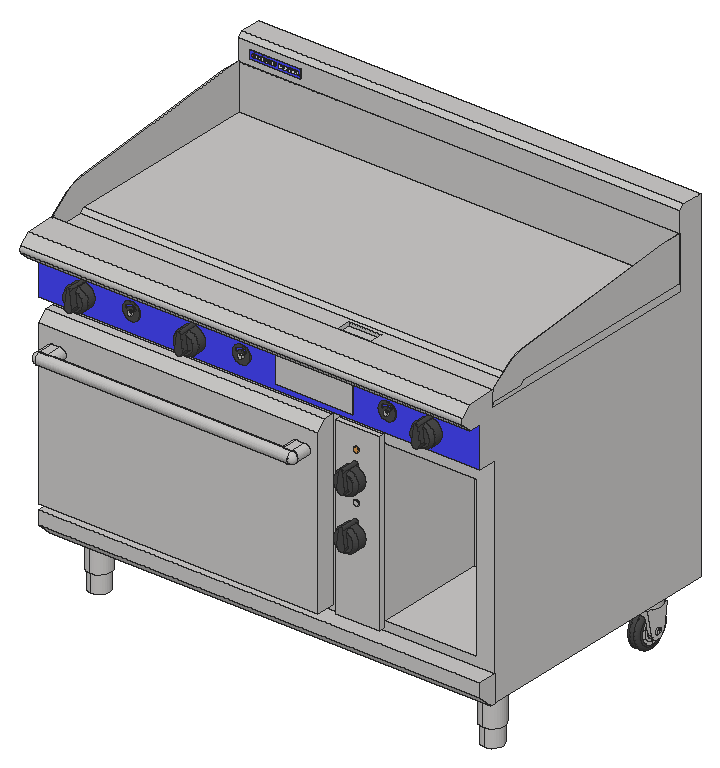
Revit family "QF_MOFFAT_BLUESEAL_CE_GPE508", category Specialty Equipment, Revit 2012
Parameters
  Width = 1200 mm
  Weight in Pounds = 484  # constant formula
  Watts = 6500 W
  Volts = 400 V
  URL Cutsheet = "www.moffat.com"
  URL = "www.moffat.com"
  Type Mark [instance] = ""
  Status [instance] = ""
  Specification by User [instance] = ""
  Specification by Manufacturer = ""
  Show Logo [instance] = yes
  Show Clearance [instance] = yes
  Show Casters [instance] = yes
  Serial Number = ""
  Seismic Rating = ""
  SMACNA No = ""
  Revision Code [instance] = ""
  Plumbing Remarks = ""
  Plumbing Connection Type [instance] = ""
  Phase = 3
  Omniclass Number and Title = ""
  Number of Poles [instance] = 1
  NAFEM Spec ID Number = ""
  Model = "GPE508"
  Min Ckt Ampacity = 0 A
  Mechanical Remarks = ""
  Mechanical Connection Type [instance] = ""
  Max Overcurrent Protection = 0 A
  Masterspec = ""
  Manufacturer = "MOFFAT BLUESEAL"
  Legs [instance] = no
  Item Number [instance] = ""
  Installed By [instance] = ""
  Identify Quantity as Lot [instance] = yes
  Height = 1085 mm
  HP = ""
  Gas Size = 3/4"
  Gas RI Height [instance] = 0 mm
  Gas KW [instance] = 31
  Gas Input [instance] = 105700.0 Btu/h
  Gas Connection Height = 0 mm
  Furnished By [instance] = ""
  Foodservice Equipment Identifier [instance] = yes
  FL Amps = 9.4 A
  Electrical Remarks [instance] = "9.4A PER PHASE"
  Electric Connection Type [instance] = ""
  Elec Conn RI Height [instance] = 0 mm
  Elec Conn Connection Height [instance] = 0 mm
  Description = "1200MM GAS RANGE WITH ELECTRIC CONVECTION OVEN"
  Depth = 812 mm
  Cycle = 50 Hz
  Conn Plug = ""
  Conn Conduit = yes
  Cold Water Temperature Recommended = -459.67 °F
  Cold Water Size = 1/2"
  Cold Water RI Height [instance] = 0 mm
  Cold Water Minimum Pressure = 0.00 psi
  Cold Water Maximum Pressure = 0.00 psi
  Cold Water Flow = 0 GPM
  Cold Water Consumption = ""
  Cold Water Connection Height = 0 mm
  CSI MasterFormat = ""
  CSI Master Format = ""
  Body Finish = QF_Finishes_Stainless Steel
  Apparent Power = 0 VA
Reference planes
  plane 1 "BACK": y = 0
  plane 2: z = 0
  plane 3 "LEFT": x = 0
  plane 4 "RIGHT": x = 1200
  plane 5 "FRONT": y = -812
  plane 6 "TOP": z = 970
  plane 7 "Center Y": x = 600
  plane 8 "Center X": y = -406
  plane 9: x = 280
  plane 10: x = 1134.5
  plane 11: y = -32
  plane 12: z = 655
  plane 13: x = 65.5
  plane 14: z = 1085
  plane 15: z = 150
  plane 16: y = -100
  plane 17: y = -625
  plane 18: z = 915
Forms (mm)
  Extrusion 1, solid, material "QF_Finishes_Stainless Steel" <- "Body Finish"
    sketch origin (0, 0, 0) x (0, 1, 0) y (0, 0, 1)
      loop
        line (0, 150) -> (0, 1085) -> (-57.5, 1085) -> (-70, 1072.5) -> (-70, 875) -> (-705, 875) -> (-705, 915) -> (-783.97, 915) -> (-808.485, 890.485)
        arc (-808.485, 890.485) -> (-811.999, 882) -> (-808.485, 873.515) r 12
        line (-808.485, 873.515) -> (-784.97, 850) -> (-749, 850) -> (-749, 740) -> (-699, 740) -> (-699, 150) -> (0, 150)
      loop
        line (-700, 222.5) -> (-749, 222.5) -> (-749, 186) -> (-713, 150) -> (-700, 150) -> (-700, 222.5)
    from 0 to 1200
  Extrusion 2, solid, material "QF_Finishes_Stainless Steel"
    sketch origin (0, 0, 0) x (0, 1, 0) y (0, 0, 1)
      loop
        line (-725, 700) -> (-749, 676) -> (-749, 235) -> (-700, 235) -> (-700, 700) -> (-725, 700)
    from 0 to 760
  Extrusion 3, solid, material "QF_Finishes_Stainless Steel"
    sketch origin (723.5, 0, 0) x (0, 1, 0) y (0, 0, 1)
      loop
        line (-700, 700) -> (-716, 700) -> (-716, 227.5) -> (-700, 227.5) -> (-700, 700)
    from 56.898 to 176.5
  Revolve 4, solid, material "QF_Finishes_Stainless Steel" <- "Body Finish"
    sketch origin (1134.5, -689.126, 0) x (0, 1, 0) y (0, 0, -1)
      loop
        line (32.376, -150) -> (64.126, -150) -> (64.126, 0) -> (36.626, 0) -> (36.626, -50) -> (32.376, -50) -> (32.376, -150)
      axis (64.126, -150) -> (64.126, 0)
    angle from 0 to 360
  Revolve 5, solid, material "QF_Finishes_Stainless Steel" <- "Body Finish"
    sketch origin (65.5, -689.126, 0) x (0, 1, 0) y (0, 0, 1)
      loop
        line (32.376, 150) -> (32.376, 50) -> (36.626, 50) -> (36.626, 0) -> (64.126, 0) -> (64.126, 150) -> (32.376, 150)
      axis (64.126, 150) -> (64.126, 0)
    angle from 0 to 360
  Extrusion 6, solid, material "QF_Finishes_Stainless Steel"
    sketch origin (-64.5, 0, 325) x (1, 0, 0) y (0, 1, 0)
      loop
        circle (1134.5, -32) r 10
    from 330 to 374.856
  Extrusion 7, void
    sketch origin (0, -699, 150) x (0, 0, -1) y (-1, 0, 0)
      loop
        line (-529.781, -900) -> (-529.781, -1150) -> (-96, -1150) -> (-96, -900) -> (-529.781, -900)
    from 0 to 304.8
  Revolve 8, solid, material "QF_Finishes_Black"
    sketch origin (128, 45.874, -2.2) x (0, 1, 0) y (0, 0, -1)
      loop
        line (-827.874, -829.5) -> (-804.874, -829.5) -> (-804.874, -802) -> (-794.874, -802) -> (-794.874, -797) -> (-838.874, -797) -> (-838.874, -823.651) -> (-827.874, -829.5)
      axis (-838.874, -797) -> (-794.874, -797)
    angle from 0 to 360
  Extrusion 9, solid, material "QF_Finishes_Black"
    sketch origin (276.884, 0, -6.671) x (-1, 0, 0) y (0, 0, -1)
      loop
        line (138.465, -790.666) -> (143.886, -833.584)
        arc (143.886, -833.584) -> (148.884, -838.471) -> (153.883, -833.584) r 5
        line (153.883, -833.584) -> (159.372, -789.499)
        arc (159.372, -789.499) -> (148.3, -779) -> (138.465, -790.666) r 10.487
    from 759 to 808
  Extrusion 10, solid, material "QF_Finishes_Stainless Steel"
    sketch origin (0, -703.73, 150) x (1, 0, 0) y (0, -1, 0)
      loop
        circle (831, -219.73) r 10
    from 0 to 3
  Revolve 11, solid, material "QF_Finishes_Black"
    sketch origin (837.495, 78.874, -213.6) x (0, 1, 0) y (0, 0, 1)
      loop
        line (-827.874, 829.5) -> (-838.874, 823.651) -> (-838.874, 797) -> (-794.874, 797) -> (-794.874, 802) -> (-804.874, 802) -> (-804.874, 829.5) -> (-827.874, 829.5)
      axis (-838.874, 797) -> (-794.874, 797)
    angle from 0 to 360
  Extrusion 12, solid, material "QF_Finishes_Black"
    sketch origin (389.688, 40, -213.6) x (1, 0, 0) y (0, 0, 1)
      loop
        line (458.226, 786.195) -> (452.806, 829.113)
        arc (452.806, 829.113) -> (447.807, 834) -> (442.808, 829.113) r 5
        line (442.808, 829.113) -> (437.319, 785.028)
        arc (437.319, 785.028) -> (448.391, 774.529) -> (458.226, 786.195) r 10.487
    from 759 to 808
  Extrusion 13, solid, material "QF_Door-Drawer Clearances", visible <- "Show Clearance", detail levels coarse
    sketch origin (762.865, 0, 0) x (0, 1, 0) y (0, 0, 1)
      loop
        line (-1214, 235) -> (-749, 235) -> (-749, 700)
        arc (-749, 700) -> (-1077.805, 563.805) -> (-1214, 235) r 465
    from -2.865 to -762.865
  Extrusion 14, void
    sketch origin (0, 0, 150) x (-1, 0, 0) y (0, -1, 0)
      loop
        line (-1133.988, 87.26) -> (-1133.988, -30.24) -> (-1004.488, -30.24) -> (-1004.488, 38.76) -> (-1052.988, 87.26) -> (-1133.988, 87.26)
    from 72.5 to 549.856
  Extrusion 15, solid, material "QF_Finishes_Stainless Steel"
    sketch origin (0, -749, 227.5) x (0, 0, 1) y (-1, 0, 0)
      loop
        line (380.625, -38.246) -> (380.625, -58.528)
        arc (380.625, -58.528) -> (395.625, -73.528) -> (410.625, -58.528) r 15
        line (410.625, -58.528) -> (410.625, -38.246)
        arc (410.625, -38.246) -> (395.625, -23.246) -> (380.625, -38.246) r 15
      loop
        arc (380.625, -723.039) -> (395.625, -738.039) -> (410.625, -723.039) r 15
        line (410.625, -723.039) -> (410.625, -702.757)
        arc (410.625, -702.757) -> (395.625, -687.757) -> (380.625, -702.757) r 15
        line (380.625, -702.757) -> (380.625, -723.039)
    from 0 to 44
  Revolve 16, solid, material "QF_Finishes_Stainless Steel"
    sketch origin (0, -793, 0) x (1, 0, 0) y (0, 0, 1)
      loop
        arc (738.039, 623.125) -> (733.646, 633.732) -> (723.039, 638.125) r 15
        line (723.039, 638.125) -> (38.246, 638.125)
        arc (38.246, 638.125) -> (27.64, 633.732) -> (23.246, 623.125) r 15
        line (23.246, 623.125) -> (738.039, 623.125)
      axis (738.039, 623.125) -> (23.246, 623.125)
    angle from 0 to 360
  Revolve 17, solid, material "QF_Finishes_Black"
    sketch origin (428, 45.874, -2.2) x (0, 1, 0) y (0, 0, -1)
      loop
        line (-827.874, -829.5) -> (-804.874, -829.5) -> (-804.874, -802) -> (-794.874, -802) -> (-794.874, -797) -> (-838.874, -797) -> (-838.874, -823.651) -> (-827.874, -829.5)
      axis (-838.874, -797) -> (-794.874, -797)
    angle from 0 to 360
  Extrusion 18, solid, material "QF_Finishes_Black"
    sketch origin (576.884, 0, -6.671) x (-1, 0, 0) y (0, 0, -1)
      loop
        line (138.465, -790.666) -> (143.886, -833.584)
        arc (143.886, -833.584) -> (148.884, -838.471) -> (153.883, -833.584) r 5
        line (153.883, -833.584) -> (159.372, -789.499)
        arc (159.372, -789.499) -> (148.3, -779) -> (138.465, -790.666) r 10.487
    from 759 to 808
  Revolve 19, solid, material "QF_Finishes_Black"
    sketch origin (1071.855, 45.874, -1.504) x (0, 1, 0) y (0, 0, -1)
      loop
        line (-827.874, -829.5) -> (-804.874, -829.5) -> (-804.874, -802) -> (-794.874, -802) -> (-794.874, -797) -> (-838.874, -797) -> (-838.874, -823.651) -> (-827.874, -829.5)
      axis (-838.874, -797) -> (-794.874, -797)
    angle from 0 to 360
  Extrusion 20, solid, material "QF_Finishes_Black"
    sketch origin (1220.739, 0, -5.976) x (-1, 0, 0) y (0, 0, -1)
      loop
        line (138.465, -790.666) -> (143.886, -833.584)
        arc (143.886, -833.584) -> (148.884, -838.471) -> (153.883, -833.584) r 5
        line (153.883, -833.584) -> (159.372, -789.499)
        arc (159.372, -789.499) -> (148.3, -779) -> (138.465, -790.666) r 10.487
    from 759 to 808
  Extrusion 21, solid, material "QF_Finishes_Stainless Steel"
    sketch origin (0, -749, 866) x (0, 0, -1) y (1, 0, 0)
      loop
        line (111.628, 855) -> (24.729, 855) -> (24.729, 645) -> (111.628, 645) -> (111.628, 855)
    from 0 to 1
  Extrusion 22, solid, material "QF_Finishes_Black"
    sketch origin (0, -749, 866) x (0, 0, -1) y (1, 0, 0)
      loop
        circle (71.799, 252) r 23.9
      loop
        arc (64.44, 260.419) -> (65.3, 265.219) -> (60.5, 266.079) r 3.448
        arc (60.5, 266.079) -> (53.915, 251.341) -> (61.718, 237.209) r 18.095
        arc (61.718, 237.209) -> (66.44, 238.491) -> (65.125, 243.204) r 3.448
        arc (65.125, 243.204) -> (61.557, 251.683) -> (64.44, 260.419) r 13.109
      loop
        arc (64.44, 560.419) -> (65.3, 565.219) -> (60.5, 566.079) r 3.448
        arc (60.5, 566.079) -> (53.915, 551.341) -> (61.718, 537.209) r 18.095
        arc (61.718, 537.209) -> (66.44, 538.491) -> (65.125, 543.204) r 3.448
        arc (65.125, 543.204) -> (61.557, 551.683) -> (64.44, 560.419) r 13.109
      loop
        circle (71.799, 552) r 23.9
      loop
        circle (71.2, 948) r 23.9
      loop
        arc (64.526, 956.796) -> (65.841, 961.509) -> (61.119, 962.791) r 3.448
        arc (61.119, 962.791) -> (53.316, 948.659) -> (59.901, 933.921) r 18.095
        arc (59.901, 933.921) -> (64.701, 934.781) -> (63.841, 939.581) r 3.448
        arc (63.841, 939.581) -> (60.958, 948.317) -> (64.526, 956.796) r 13.109
    from 0 to 1
  Extrusion 23, solid, material "QF_Finishes_Stainless Steel"
    sketch origin (0, -750, 866) x (0, 0, -1) y (1, 0, 0)
      loop
        circle (75.299, 252) r 5.75
      loop
        circle (75.299, 552) r 5.75
      loop
        circle (74.7, 948) r 5.75
    from 0 to 5
  Extrusion 24, solid, material "QF_Finishes_Orange"
    sketch origin (723.5, -716, 700) x (0, 0, -1) y (1, 0, 0)
      loop
        circle (51.6, 114) r 7.15
    from 0 to 1
  Extrusion 25, solid, material "QF_Finishes_Stainless Steel"
    sketch origin (723.5, -716, 700) x (0, 0, -1) y (1, 0, 0)
      loop
        circle (181.6, 114) r 7.15
    from 0 to 1
  Revolve 26, solid, material "QF_Finishes_Stainless Steel", visible <- "Legs"
    sketch origin (65.5, -166, 0) x (0, 1, 0) y (0, 0, 1)
      loop
        line (34.25, 150) -> (34.25, 50) -> (38.5, 50) -> (38.5, 0) -> (66, 0) -> (66, 150) -> (34.25, 150)
      axis (66, 150) -> (66, 0)
    angle from 0 to 360
  Revolve 27, solid, material "QF_Finishes_Stainless Steel", visible <- "Show Casters"
    sketch origin (16.276, -100.755, -12.8) x (1, 0, 0) y (0, 0, 1)
      loop
        line (14.841, 63.604) -> (83.584, 63.604) -> (83.584, 67.109) -> (82.314, 68.379) -> (80.79, 68.379) -> (80.79, 71.826) -> (68.644, 71.826) -> (68.644, 81.79) -> (65.088, 83.843) -> (63.738, 92.179) -> (65.881, 92.179) -> (65.881, 98.529) -> (65.088, 98.529) -> (65.088, 104.879)
        arc (65.088, 104.879) -> (62.298, 111.614) -> (55.563, 114.404) r 9.525
        line (55.563, 114.404) -> (42.863, 114.404)
        arc (42.863, 114.404) -> (36.127, 111.614) -> (33.338, 104.879) r 9.525
        line (33.338, 104.879) -> (33.338, 98.529) -> (32.544, 98.529) -> (32.544, 92.179) -> (34.687, 92.179) -> (33.352, 83.932) -> (29.782, 81.871) -> (29.782, 71.826) -> (17.635, 71.826) -> (17.635, 68.379) -> (16.111, 68.379) -> (14.841, 67.109) -> (14.841, 63.604)
      axis (14.841, 63.604) -> (83.584, 63.604)
    angle from 0 to 360
  Extrusion 28, solid, material "QF_Finishes_Stainless Steel", visible <- "Show Casters"
    sketch origin (72.001, 132.353, -8.783) x (0, 1, 0) y (0, 0, 1)
      loop
        line (-200.603, 118.783) -> (-264.103, 118.783) -> (-251.746, 53.895)
        arc (-251.746, 53.895) -> (-232.353, 38.783) -> (-212.959, 53.895) r 20
        line (-212.959, 53.895) -> (-200.603, 118.783)
    from -35.667 to 22.923
  Revolve 29, solid, material "QF_Finishes_Stainless Steel", visible <- "Show Casters"
    sketch origin (65.5, -204, 0) x (0, 1, 0) y (0, 0, 1)
      loop
        line (68.25, 150) -> (68.25, 110) -> (104, 110) -> (104, 150) -> (68.25, 150)
      axis (104, 150) -> (104, 110)
    angle from 0 to 360
  Revolve 30, solid, material "QF_Finishes_Stainless Steel", visible <- "Legs"
    sketch origin (65.5, -166, 0) x (0, 1, 0) y (0, 0, 1)
      loop
        line (34.25, 150) -> (34.25, 50) -> (38.5, 50) -> (38.5, 0) -> (66, 0) -> (66, 150) -> (34.25, 150)
      axis (66, 150) -> (66, 0)
    angle from 0 to 360
  Revolve 31, solid, material "QF_Finishes_Stainless Steel", visible <- "Legs"
    sketch origin (1134.5, -166, 0) x (0, 1, 0) y (0, 0, -1)
      loop
        line (34.25, -150) -> (66, -150) -> (66, 0) -> (38.5, 0) -> (38.5, -50) -> (34.25, -50) -> (34.25, -150)
      axis (66, -150) -> (66, 0)
    angle from 0 to 360
  Revolve 32, solid, material "QF_Finishes_Stainless Steel", visible <- "Show Casters"
    sketch origin (1183.724, -100.755, -12.8) x (-1, 0, 0) y (0, 0, -1)
      loop
        line (14.841, -63.604) -> (14.841, -67.109) -> (16.111, -68.379) -> (17.635, -68.379) -> (17.635, -71.826) -> (29.782, -71.826) -> (29.782, -81.871) -> (33.352, -83.932) -> (34.687, -92.179) -> (32.544, -92.179) -> (32.544, -98.529) -> (33.338, -98.529) -> (33.338, -104.879)
        arc (33.338, -104.879) -> (36.127, -111.614) -> (42.863, -114.404) r 9.525
        line (42.863, -114.404) -> (55.563, -114.404)
        arc (55.563, -114.404) -> (62.298, -111.614) -> (65.088, -104.879) r 9.525
        line (65.088, -104.879) -> (65.088, -98.529) -> (65.881, -98.529) -> (65.881, -92.179) -> (63.738, -92.179) -> (65.088, -83.843) -> (68.644, -81.79) -> (68.644, -71.826) -> (80.79, -71.826) -> (80.79, -68.379) -> (82.314, -68.379) -> (83.584, -67.109) -> (83.584, -63.604) -> (14.841, -63.604)
      axis (14.841, -63.604) -> (83.584, -63.604)
    angle from 0 to 360
  Extrusion 33, solid, material "QF_Finishes_Stainless Steel", visible <- "Show Casters"
    sketch origin (1127.999, 132.353, -8.783) x (0, 1, 0) y (0, 0, -1)
      loop
        line (-200.603, -118.783) -> (-212.959, -53.895)
        arc (-212.959, -53.895) -> (-232.353, -38.783) -> (-251.746, -53.895) r 20
        line (-251.746, -53.895) -> (-264.103, -118.783) -> (-200.603, -118.783)
    from -35.667 to 22.923
  Revolve 34, solid, material "QF_Finishes_Stainless Steel", visible <- "Show Casters"
    sketch origin (1134.5, -204, 0) x (0, 1, 0) y (0, 0, -1)
      loop
        line (68.25, -150) -> (104, -150) -> (104, -110) -> (68.25, -110) -> (68.25, -150)
      axis (104, -150) -> (104, -110)
    angle from 0 to 360
  Revolve 35, solid, material "QF_Finishes_Stainless Steel", visible <- "Legs"
    sketch origin (1134.5, -166, 0) x (0, 1, 0) y (0, 0, -1)
      loop
        line (34.25, -150) -> (66, -150) -> (66, 0) -> (38.5, 0) -> (38.5, -50) -> (34.25, -50) -> (34.25, -150)
      axis (66, -150) -> (66, 0)
    angle from 0 to 360
  Revolve 36, solid, material "QF_Finishes_Black"
    sketch origin (837.495, 78.874, -353.465) x (0, 1, 0) y (0, 0, 1)
      loop
        line (-827.874, 829.5) -> (-838.874, 823.651) -> (-838.874, 797) -> (-794.874, 797) -> (-794.874, 802) -> (-804.874, 802) -> (-804.874, 829.5) -> (-827.874, 829.5)
      axis (-838.874, 797) -> (-794.874, 797)
    angle from 0 to 360
  Extrusion 37, solid, material "QF_Finishes_Black"
    sketch origin (389.688, 40, -353.465) x (1, 0, 0) y (0, 0, 1)
      loop
        line (458.226, 786.195) -> (452.806, 829.113)
        arc (452.806, 829.113) -> (447.807, 834) -> (442.808, 829.113) r 5
        line (442.808, 829.113) -> (437.319, 785.028)
        arc (437.319, 785.028) -> (448.391, 774.529) -> (458.226, 786.195) r 10.487
    from 759 to 808
  Extrusion 38, solid, material "QF_Finishes_Orange"
    sketch origin (723.5, -716, 700) x (0, 0, -1) y (1, 0, 0)
      loop
        circle (181.6, 114) r 7.15
    from 0 to 1
Cuts and joins
  Extrusion 7, Extrusion 14 cuts Extrusion 1
Lines and regions (mm)
  Split face 1
    outline origin (0, -750, 866) x (0, 0, -1) y (1, 0, 0)
      loop
        arc (34.628, 743) -> (38.628, 739) -> (42.628, 743) r 4
        line (42.628, 743) -> (42.628, 757)
        arc (42.628, 757) -> (38.628, 761) -> (34.628, 757) r 4
        line (34.628, 757) -> (34.628, 743)
  Split face 2
    outline origin (1200, 0, 1085) x (-1, 0, 0) y (0, -1, 0)
      loop
        arc (35.206, 45.385) -> (26.545, 40.385) -> (26.545, 30.385) r 10
        line (26.545, 30.385) -> (30.587, 23.385)
        arc (30.587, 23.385) -> (34.247, 19.725) -> (39.247, 18.385) r 10
        line (39.247, 18.385) -> (267.206, 18.385)
        arc (267.206, 18.385) -> (275.866, 23.385) -> (275.866, 33.385) r 10
        line (275.866, 33.385) -> (271.824, 40.385)
        arc (271.824, 40.385) -> (268.164, 44.045) -> (263.164, 45.385) r 10
        line (263.164, 45.385) -> (35.206, 45.385)
  Split face 3
    outline origin (1200, 0, 1085) x (-1, 0, 0) y (0, -1, 0)
      loop
        arc (335.206, 45.385) -> (326.545, 40.385) -> (326.545, 30.385) r 10
        line (326.545, 30.385) -> (330.587, 23.385)
        arc (330.587, 23.385) -> (334.247, 19.725) -> (339.247, 18.385) r 10
        line (339.247, 18.385) -> (567.206, 18.385)
        arc (567.206, 18.385) -> (575.866, 23.385) -> (575.866, 33.385) r 10
        line (575.866, 33.385) -> (571.824, 40.385)
        arc (571.824, 40.385) -> (568.164, 44.045) -> (563.164, 45.385) r 10
        line (563.164, 45.385) -> (335.206, 45.385)
  Split face 4
    outline origin (1200, 0, 1085) x (-1, 0, 0) y (0, -1, 0)
      loop
        arc (867.206, 18.385) -> (875.866, 23.385) -> (875.866, 33.385) r 10
        line (875.866, 33.385) -> (871.824, 40.385)
        arc (871.824, 40.385) -> (868.164, 44.045) -> (863.164, 45.385) r 10
        line (863.164, 45.385) -> (635.206, 45.385)
        arc (635.206, 45.385) -> (626.545, 40.385) -> (626.545, 30.385) r 10
        line (626.545, 30.385) -> (630.587, 23.385)
        arc (630.587, 23.385) -> (634.247, 19.725) -> (639.247, 18.385) r 10
        line (639.247, 18.385) -> (867.206, 18.385)
  Split face 5
    outline origin (1200, 0, 1085) x (-1, 0, 0) y (0, -1, 0)
      loop
        arc (1167.206, 18.385) -> (1175.866, 23.385) -> (1175.866, 33.385) r 10
        line (1175.866, 33.385) -> (1171.824, 40.385)
        arc (1171.824, 40.385) -> (1168.164, 44.045) -> (1163.164, 45.385) r 10
        line (1163.164, 45.385) -> (935.206, 45.385)
        arc (935.206, 45.385) -> (926.545, 40.385) -> (926.545, 30.385) r 10
        line (926.545, 30.385) -> (930.587, 23.385)
        arc (930.587, 23.385) -> (934.247, 19.725) -> (939.247, 18.385) r 10
        line (939.247, 18.385) -> (1167.206, 18.385)
  symbolic lines, style "QF_Door-Drawer Clearances", visible <- "Show Clearance"
    curve 1: line (0, -1214, 0) -> (760, -1214, 0)
    curve 2: line (760, -1214, 0) -> (760, -811.999, 0)
    curve 3: line (0, -1214, 0) -> (0, -811.999, 0)
  symbolic lines, style "SpecialityEquipmentHiddenLines", visible <- "Show Casters"
    curve 4: line (78.456, -46.735, 0) -> (105.952, -62.61, 0)
    curve 5: line (27.656, -134.723, 0) -> (78.456, -46.735, 0)
    curve 6: line (55.152, -150.598, 0) -> (27.656, -134.723, 0)
    curve 7: line (105.952, -62.61, 0) -> (55.152, -150.598, 0)
    curve 8: line (1125.152, -150.598, 0) -> (1097.656, -134.723, 0)
    curve 9: line (1175.952, -62.61, 0) -> (1125.152, -150.598, 0)
    curve 11: line (1148.456, -46.735, 0) -> (1097.656, -134.723, 0)
    curve 12: line (1175.952, -62.61, 0) -> (1148.456, -46.735, 0)
  symbolic lines
    curve 10: arc (36.836, -45.385, 0) -> (31.836, -44.045, 0) -> (28.176, -40.385, 0) r 10
    curve 13: line (260.753, -18.385, 0) -> (32.794, -18.385, 0)
    curve 14: arc (32.794, -18.385, 0) -> (24.134, -23.385, 0) -> (24.134, -33.385, 0) r 10
    curve 15: line (24.134, -33.385, 0) -> (28.176, -40.385, 0)
    curve 16: arc (28.176, -40.385, 0) -> (31.836, -44.045, 0) -> (36.836, -45.385, 0) r 10
    curve 17: line (36.836, -45.385, 0) -> (264.794, -45.385, 0)
    curve 18: arc (264.794, -45.385, 0) -> (273.455, -40.385, 0) -> (273.455, -30.385, 0) r 10
    curve 19: line (273.455, -30.385, 0) -> (269.413, -23.385, 0)
    curve 20: arc (269.413, -23.385, 0) -> (265.753, -19.725, 0) -> (260.753, -18.385, 0) r 10
    curve 21: line (560.753, -18.385, 0) -> (332.794, -18.385, 0)
    curve 22: arc (332.794, -18.385, 0) -> (324.134, -23.385, 0) -> (324.134, -33.385, 0) r 10
    curve 23: line (324.134, -33.385, 0) -> (328.176, -40.385, 0)
    curve 24: arc (328.176, -40.385, 0) -> (331.836, -44.045, 0) -> (336.836, -45.385, 0) r 10
    curve 25: line (336.836, -45.385, 0) -> (564.794, -45.385, 0)
    curve 26: arc (564.794, -45.385, 0) -> (573.455, -40.385, 0) -> (573.455, -30.385, 0) r 10
    curve 27: line (573.455, -30.385, 0) -> (569.413, -23.385, 0)
    curve 28: arc (569.413, -23.385, 0) -> (565.753, -19.725, 0) -> (560.753, -18.385, 0) r 10
    curve 29: line (860.753, -18.385, 0) -> (632.794, -18.385, 0)
    curve 30: arc (632.794, -18.385, 0) -> (624.134, -23.385, 0) -> (624.134, -33.385, 0) r 10
    curve 31: line (624.134, -33.385, 0) -> (628.176, -40.385, 0)
    curve 32: arc (628.176, -40.385, 0) -> (631.836, -44.045, 0) -> (636.836, -45.385, 0) r 10
    curve 33: line (636.836, -45.385, 0) -> (864.794, -45.385, 0)
    curve 34: arc (864.794, -45.385, 0) -> (873.455, -40.385, 0) -> (873.455, -30.385, 0) r 10
    curve 35: line (873.455, -30.385, 0) -> (869.413, -23.385, 0)
    curve 36: arc (869.413, -23.385, 0) -> (865.753, -19.725, 0) -> (860.753, -18.385, 0) r 10
    curve 37: line (932.794, -18.385, 0) -> (1160.753, -18.385, 0)
    curve 38: arc (1160.753, -18.385, 0) -> (1165.753, -19.725, 0) -> (1169.413, -23.385, 0) r 10
    curve 39: line (1169.413, -23.385, 0) -> (1173.455, -30.385, 0)
    curve 40: arc (1173.455, -30.385, 0) -> (1173.455, -40.385, 0) -> (1164.794, -45.385, 0) r 10
    curve 41: line (1164.794, -45.385, 0) -> (936.836, -45.385, 0)
    curve 42: arc (936.836, -45.385, 0) -> (931.836, -44.045, 0) -> (928.176, -40.385, 0) r 10
    curve 43: line (928.176, -40.385, 0) -> (924.134, -33.385, 0)
    curve 44: arc (924.134, -33.385, 0) -> (924.134, -23.385, 0) -> (932.794, -18.385, 0) r 10
    curve 45: line (0, -783.97, 0) -> (1200, -783.97, 0)
    curve 46: line (1200, -811.999, 0) -> (0, -811.999, 0)
    curve 47: line (1200, -811.999, 0) -> (1200, 0, 0)
    curve 48: line (0, 0, 0) -> (0, -811.999, 0)
    curve 49: line (0, 0, 0) -> (1200, 0, 0)
    curve 50: line (0, -70, 0) -> (1200, -70, 0)
    curve 51: line (0, -57.5, 0) -> (1200, -57.5, 0)
Dimensions and locks
  equal spacing: plane 3 "LEFT", plane 7 "Center Y", plane 4 "RIGHT"
  "Width": plane 3 "LEFT" to plane 4 "RIGHT"
  equal spacing: plane 5 "FRONT", plane 8 "Center X", plane 1 "BACK"
  plane 5 "FRONT" to plane 1 "BACK" = 812 mm  (x2)
  equal spacing: plane 4 "RIGHT", plane 7 "Center Y", plane 3 "LEFT"
  plane 4 "RIGHT" to plane 3 "LEFT" = 1200 mm
  plane 9 to plane 3 "LEFT" = 280 mm
  locked: plane 4 "RIGHT" to plane 10 at 65.5
  plane 14 to plane 2 = 1085 mm
  plane 15 to plane 2 = 150 mm
  Revolve 27 sketch curve to Revolve 27 sketch curve = 50.8 mm
  Revolve 32 sketch curve to Revolve 32 sketch curve = 50.8 mm
  Extrusion 10 sketch curve to plane 1 "BACK" = 484 mm
  Extrusion 10 sketch curve to plane 4 "RIGHT" = 369 mm
  plane 18 to plane 2 = 915 mm
  plane 12 to plane 2 = 655 mm
  plane 1 "BACK" to plane 11 = 32 mm
  aligned and locked: level to plane 2
  aligned and locked: Extrusion 1 to plane 4 "RIGHT"
  aligned and locked: plane 10 to Revolve 4
Automatic sketch dimensions
  curve 10 to curve 16 = 0 mm  (x2)
  curve 1 to plane 3 "LEFT" = 0 mm
  curve 46 to plane 4 "RIGHT" = 0 mm
  plane 1 "BACK" to curve 48 = 0 mm
  curve 15 to plane 11 = 1.385 mm
  plane 3 "LEFT" to curve 15 = 24.134 mm
  plane 3 "LEFT" to curve 6 = 27.656 mm
  curve 14 to curve 16 = 4.041 mm
  curve 14 to curve 13 = 8.66 mm
  curve 15 to curve 10 = 8.66 mm
  curve 6 to plane 13 = 10.348 mm
  plane 13 to curve 5 = 12.956 mm
  curve 13 to plane 9 = 19.247 mm
  curve 18 to plane 11 = 3.385 mm
  curve 20 to curve 18 = 4.041 mm
  curve 20 to curve 19 = 8.66 mm
  plane 11 to curve 18 = 1.615 mm
  curve 18 to plane 9 = 6.545 mm
  curve 22 to plane 11 = 1.385 mm
  plane 9 to curve 22 = 44.134 mm
  curve 23 to plane 11 = 8.385 mm
  curve 23 to curve 23 = 4.041 mm
  curve 22 to curve 21 = 8.66 mm
  curve 24 to plane 11 = 3.385 mm
  curve 22 to curve 24 = 4.041 mm
  plane 11 to curve 28 = 13.615 mm
  curve 28 to plane 7 "Center Y" = 39.247 mm
  curve 26 to plane 11 = 3.385 mm
  curve 28 to curve 26 = 4.041 mm
  plane 11 to curve 27 = 8.615 mm
  curve 21 to curve 27 = 8.66 mm
  plane 11 to curve 26 = 1.615 mm
  curve 30 to plane 11 = 1.385 mm
  plane 7 "Center Y" to curve 30 = 24.134 mm
  curve 31 to plane 11 = 8.385 mm
  curve 31 to curve 31 = 4.041 mm
  curve 30 to curve 30 = 8.66 mm
  curve 32 to plane 11 = 3.385 mm
  curve 30 to curve 32 = 4.041 mm
  curve 2 to plane 5 "FRONT" = 0.001 mm
  plane 7 "Center Y" to curve 2 = 160 mm
  plane 11 to curve 36 = 13.615 mm
  curve 32 to curve 36 = 223.917 mm
  curve 36 to curve 34 = 4.041 mm  (x2)
  plane 11 to curve 35 = 8.615 mm
  curve 29 to curve 35 = 8.66 mm
  plane 11 to curve 34 = 1.615 mm
  curve 43 to plane 11 = 1.385 mm
  curve 35 to curve 43 = 50.679 mm
  curve 43 to plane 11 = 8.385 mm
  curve 44 to curve 43 = 4.041 mm
  plane 11 to curve 44 = 13.615 mm
  curve 44 to curve 44 = 8.66 mm
  curve 42 to curve 42 = 8.66 mm
  curve 11 to plane 10 = 36.844 mm
  curve 8 to plane 10 = 9.348 mm
  plane 10 to curve 11 = 13.956 mm
  plane 10 to curve 37 = 26.253 mm
  curve 11 to curve 40 = 16.339 mm
  plane 11 to curve 39 = 8.615 mm
  curve 38 to curve 39 = 8.66 mm
  plane 11 to curve 39 = 1.615 mm
  curve 39 to curve 39 = 4.041 mm
  plane 5 "FRONT" to curve 1 = 402 mm
  curve 46 to curve 45 = 28.029 mm
  plane 16 to curve 6 = 50.598 mm
  plane 16 to curve 8 = 50.598 mm
  curve 8 to curve 8 = 15.875 mm
  curve 6 to curve 6 = 15.875 mm
  curve 50 to curve 9 = 7.39 mm
  curve 50 to curve 51 = 12.5 mm
  curve 42 to curve 42 = 5 mm
  curve 16 to curve 14 = 7 mm
  plane 11 to curve 14 = 3.615 mm
  plane 11 to curve 20 = 3.615 mm
  Extrusion 1 sketch curve to plane 18 = 0 mm
  Extrusion 1 sketch curve to plane 15 = 0 mm  (x2)
  Extrusion 1 sketch curve to plane 14 = 0 mm
  Extrusion 1 sketch curve to plane 1 "BACK" = 0 mm
  Extrusion 1 sketch curve to plane 11 = 25.5 mm
  Extrusion 1 sketch curve to plane 16 = 30 mm
  plane 17 to Extrusion 1 sketch curve = 74 mm
  Extrusion 1 sketch curve to Extrusion 1 sketch curve = 1 mm
  plane 17 to Extrusion 1 sketch curve = 80 mm
  Extrusion 1 sketch curve to Extrusion 1 sketch curve = 13 mm
  Extrusion 1 sketch curve to Extrusion 1 sketch curve = 44 mm
  Extrusion 1 sketch curve to Extrusion 1 sketch curve = 36 mm
  Extrusion 1 sketch curve to plane 5 "FRONT" = 28.03 mm
  Extrusion 1 sketch curve to plane 5 "FRONT" = 27.03 mm
  Extrusion 1 sketch curve to plane 5 "FRONT" = 12.001 mm
  Extrusion 1 sketch curve to plane 5 "FRONT" = 3.515 mm  (x2)
  plane 15 to Extrusion 1 sketch curve = 36 mm
  Extrusion 1 sketch curve to Extrusion 1 sketch curve = 36.5 mm
  plane 12 to Extrusion 1 sketch curve = 85 mm
  Extrusion 1 sketch curve to plane 18 = 65 mm
  Extrusion 1 sketch curve to Extrusion 1 sketch curve = 23.515 mm
  Extrusion 1 sketch curve to plane 18 = 40 mm
  Extrusion 1 sketch curve to Extrusion 1 sketch curve = 8.485 mm
  Extrusion 1 sketch curve to plane 14 = 12.5 mm
  plane 12 to Extrusion 2 sketch curve = 21 mm
  Extrusion 2 sketch curve to plane 5 "FRONT" = 63 mm
  Extrusion 2 sketch curve to Extrusion 2 sketch curve = 24 mm
  Extrusion 2 sketch curve to Extrusion 2 sketch curve = 49 mm
  plane 15 to Extrusion 2 sketch curve = 85 mm
  plane 12 to Extrusion 2 sketch curve = 45 mm
  plane 17 to Extrusion 3 sketch curve = 91 mm
  Extrusion 3 sketch curve to Extrusion 3 sketch curve = 16 mm
  plane 15 to Extrusion 3 sketch curve = 77.5 mm
  plane 12 to Extrusion 3 sketch curve = 45 mm
  Revolve 4 sketch curve to plane 15 = 0 mm
  Revolve 4 sketch curve to level = 0 mm
  Revolve 4 sketch curve to plane 17 = 0 mm  (x2)
  Revolve 4 sketch curve to Revolve 4 sketch curve = 27.5 mm
  plane 17 to Revolve 4 sketch curve = 31.75 mm
  level to Revolve 4 sketch curve = 50 mm
  Revolve 4 sketch curve to Revolve 4 sketch curve = 0 mm
  Revolve 4 sketch curve to Revolve 4 sketch curve = 55 mm
  Revolve 5 sketch curve to plane 15 = 0 mm
  Revolve 5 sketch curve to level = 0 mm
  Revolve 5 sketch curve to plane 17 = 0 mm  (x2)
  Revolve 5 sketch curve to Revolve 5 sketch curve = 27.5 mm
  Revolve 5 sketch curve to Revolve 5 sketch curve = 31.75 mm
  Revolve 5 sketch curve to Revolve 5 sketch curve = 55 mm
  level to Revolve 5 sketch curve = 50 mm
  Revolve 5 sketch curve to Revolve 5 sketch curve = 0 mm
  Extrusion 6 sketch curve to plane 11 = 0 mm
  Extrusion 6 sketch curve to plane 10 = 64.5 mm
  Extrusion 1 to Extrusion 7 sketch curve = 60.219 mm
  Extrusion 1 to Extrusion 7 sketch curve = 96 mm
  Extrusion 7 sketch curve to Extrusion 1 = 50 mm
  Extrusion 7 sketch curve to Extrusion 7 sketch curve = 250 mm
  Revolve 8 sketch curve to plane 5 "FRONT" = 19 mm
  Revolve 8 sketch curve to Revolve 8 sketch curve = 0 mm  (x2)
  Revolve 8 sketch curve to Revolve 8 sketch curve = 11 mm
  Revolve 8 sketch curve to Revolve 8 sketch curve = 12.7 mm
  Revolve 8 sketch curve to Revolve 8 sketch curve = 23 mm
  Revolve 8 sketch curve to Revolve 8 sketch curve = 10 mm
  Revolve 8 sketch curve to plane 18 = 87.7 mm
  Revolve 8 sketch curve to Revolve 8 sketch curve = 5.849 mm
  Revolve 8 sketch curve to Revolve 8 sketch curve = 27.5 mm
  Revolve 8 sketch curve to Revolve 8 sketch curve = 5 mm
  plane 13 to Extrusion 9 sketch curve = 72.919 mm
  Extrusion 9 sketch curve to Extrusion 9 sketch curve = 5.421 mm
  Extrusion 9 sketch curve to Extrusion 9 sketch curve = 10.419 mm
  Extrusion 9 sketch curve to Extrusion 9 sketch curve = 4.999 mm  (x2)
  Extrusion 9 sketch curve to Extrusion 9 sketch curve = 10.487 mm
  Extrusion 9 sketch curve to plane 18 = 88.087 mm
  Extrusion 9 sketch curve to Extrusion 9 sketch curve = 0.113 mm
  Extrusion 9 sketch curve to Extrusion 9 sketch curve = 42.919 mm
  Extrusion 9 sketch curve to Extrusion 9 sketch curve = 1.167 mm
  Revolve 11 sketch curve to plane 5 "FRONT" = 52 mm
  Revolve 11 sketch curve to Revolve 11 sketch curve = 0 mm  (x2)
  Revolve 11 sketch curve to Revolve 11 sketch curve = 11 mm
  Revolve 11 sketch curve to Revolve 11 sketch curve = 12.7 mm
  Revolve 11 sketch curve to Revolve 11 sketch curve = 23 mm
  Revolve 11 sketch curve to Revolve 11 sketch curve = 10 mm
  Revolve 11 sketch curve to plane 12 = 71.6 mm
  Revolve 11 sketch curve to Revolve 11 sketch curve = 5 mm
  Revolve 11 sketch curve to Revolve 11 sketch curve = 26.651 mm
  Revolve 11 sketch curve to Revolve 11 sketch curve = 5.849 mm
  Extrusion 12 sketch curve to plane 12 = 83.572 mm
  plane 7 "Center Y" to Extrusion 12 sketch curve = 227.008 mm
  Extrusion 12 sketch curve to Extrusion 12 sketch curve = 5.489 mm
  Extrusion 12 sketch curve to Extrusion 12 sketch curve = 4.999 mm  (x2)
  Extrusion 12 sketch curve to Extrusion 12 sketch curve = 10.487 mm
  Extrusion 12 sketch curve to plane 12 = 39.487 mm
  Extrusion 12 sketch curve to plane 12 = 82.405 mm
  Extrusion 12 sketch curve to Extrusion 12 sketch curve = 10.419 mm
  Extrusion 12 sketch curve to Extrusion 12 sketch curve = 0.113 mm
  plane 15 to Extrusion 13 sketch curve = 85 mm
  plane 5 "FRONT" to Extrusion 13 sketch curve = 402 mm
  Extrusion 13 sketch curve to plane 5 "FRONT" = 63 mm
  Extrusion 14 sketch curve to plane 10 = 0.512 mm
  Extrusion 14 sketch curve to plane 16 = 12.74 mm
  Extrusion 14 sketch curve to Extrusion 14 sketch curve = 81 mm
  Extrusion 14 sketch curve to plane 11 = 6.76 mm
  Extrusion 14 sketch curve to Extrusion 14 sketch curve = 48.5 mm
  Extrusion 14 sketch curve to plane 1 "BACK" = 30.24 mm
  Extrusion 15 sketch curve to plane 13 = 6.972 mm
  Extrusion 15 sketch curve to plane 12 = 46.875 mm  (x2)
  Extrusion 15 sketch curve to Extrusion 15 sketch curve = 15 mm  (x2)
  plane 7 "Center Y" to Extrusion 15 sketch curve = 102.757 mm
  Extrusion 15 sketch curve to Extrusion 15 sketch curve = 20.282 mm  (x2)
  Revolve 16 sketch curve to plane 3 "LEFT" = 6.961 mm
  plane 3 "LEFT" to Revolve 16 sketch curve = 23.246 mm
  Revolve 16 sketch curve to plane 12 = 16.875 mm
  Revolve 16 sketch curve to Revolve 16 sketch curve = 15 mm
  Revolve 16 sketch curve to plane 7 "Center Y" = 11.961 mm
  plane 7 "Center Y" to Revolve 16 sketch curve = 123.039 mm
  Revolve 16 sketch curve to Revolve 16 sketch curve = 0 mm
  Revolve 17 sketch curve to plane 5 "FRONT" = 19 mm
  Revolve 17 sketch curve to Revolve 17 sketch curve = 0 mm  (x2)
  Revolve 17 sketch curve to Revolve 17 sketch curve = 11 mm
  Revolve 17 sketch curve to Revolve 17 sketch curve = 12.7 mm
  Revolve 17 sketch curve to Revolve 17 sketch curve = 23 mm
  Revolve 17 sketch curve to Revolve 17 sketch curve = 10 mm
  Revolve 17 sketch curve to plane 18 = 87.7 mm
  Revolve 17 sketch curve to Revolve 17 sketch curve = 5.849 mm
  Revolve 17 sketch curve to Revolve 17 sketch curve = 27.5 mm
  Revolve 17 sketch curve to Revolve 17 sketch curve = 5 mm
  plane 9 to Extrusion 18 sketch curve = 158.419 mm
  Extrusion 18 sketch curve to Extrusion 18 sketch curve = 5.421 mm
  Extrusion 18 sketch curve to Extrusion 18 sketch curve = 10.419 mm
  Extrusion 18 sketch curve to Extrusion 18 sketch curve = 4.999 mm  (x2)
  Extrusion 18 sketch curve to plane 18 = 88.087 mm
  Extrusion 18 sketch curve to Extrusion 18 sketch curve = 10.487 mm
  Extrusion 18 sketch curve to Extrusion 18 sketch curve = 0.113 mm
  Extrusion 18 sketch curve to Extrusion 18 sketch curve = 42.919 mm
  Extrusion 18 sketch curve to Extrusion 18 sketch curve = 1.167 mm
  Revolve 19 sketch curve to plane 5 "FRONT" = 19 mm
  Revolve 19 sketch curve to Revolve 19 sketch curve = 0 mm  (x2)
  Revolve 19 sketch curve to Revolve 19 sketch curve = 11 mm
  Revolve 19 sketch curve to Revolve 19 sketch curve = 12.7 mm
  Revolve 19 sketch curve to Revolve 19 sketch curve = 23 mm
  Revolve 19 sketch curve to Revolve 19 sketch curve = 10 mm
  Revolve 19 sketch curve to plane 18 = 87.004 mm
  Revolve 19 sketch curve to Revolve 19 sketch curve = 5.849 mm
  Revolve 19 sketch curve to Revolve 19 sketch curve = 27.5 mm
  Revolve 19 sketch curve to Revolve 19 sketch curve = 5 mm
  Extrusion 20 sketch curve to plane 10 = 52.226 mm
  Extrusion 20 sketch curve to Extrusion 20 sketch curve = 5.421 mm
  Extrusion 20 sketch curve to Extrusion 20 sketch curve = 10.419 mm
  Extrusion 20 sketch curve to Extrusion 20 sketch curve = 4.999 mm  (x2)
  Extrusion 20 sketch curve to Extrusion 20 sketch curve = 10.487 mm
  Extrusion 20 sketch curve to plane 18 = 87.391 mm
  Extrusion 20 sketch curve to Extrusion 20 sketch curve = 0.113 mm
  Extrusion 20 sketch curve to Extrusion 20 sketch curve = 42.919 mm
  Extrusion 20 sketch curve to Extrusion 20 sketch curve = 1.167 mm
  Extrusion 21 sketch curve to Extrusion 1 = 8.729 mm
  Extrusion 21 sketch curve to Extrusion 1 = 14.372 mm
  Extrusion 1 to Extrusion 21 sketch curve = 555 mm
  Extrusion 21 sketch curve to Extrusion 21 sketch curve = 210 mm
  Extrusion 22 sketch curve to Extrusion 1 = 43.901 mm
  Extrusion 22 sketch curve to Extrusion 1 = 44.5 mm  (x2)
  Extrusion 22 sketch curve to Extrusion 22 sketch curve = 1.218 mm  (x3)
  Extrusion 22 sketch curve to Extrusion 22 sketch curve = 1.97 mm  (x6)
  Extrusion 22 sketch curve to Extrusion 22 sketch curve = 1.724 mm  (x3)
  Extrusion 22 sketch curve to Extrusion 22 sketch curve = 1.683 mm  (x3)
  Extrusion 22 sketch curve to Extrusion 22 sketch curve = 6.674 mm  (x3)
  Extrusion 22 sketch curve to Extrusion 22 sketch curve = 0.195 mm  (x3)
  Extrusion 22 sketch curve to Extrusion 22 sketch curve = 2.662 mm  (x3)
  Extrusion 1 to Extrusion 22 sketch curve = 237.209 mm
  Extrusion 22 sketch curve to Extrusion 22 sketch curve = 2.986 mm  (x2)
  Extrusion 22 sketch curve to Extrusion 22 sketch curve = 8.796 mm  (x2)
  Extrusion 22 sketch curve to Extrusion 22 sketch curve = 0.103 mm  (x3)
  Extrusion 22 sketch curve to Extrusion 22 sketch curve = 0.102 mm  (x3)
  Extrusion 22 sketch curve to Extrusion 22 sketch curve = 271.13 mm
  Extrusion 1 to Extrusion 22 sketch curve = 266.079 mm
  Extrusion 22 sketch curve to Extrusion 22 sketch curve = 2.83 mm
  Extrusion 22 sketch curve to Extrusion 22 sketch curve = 8.215 mm
  Extrusion 23 sketch curve to Extrusion 23 sketch curve = 0.599 mm
  Extrusion 23 sketch curve to Extrusion 23 sketch curve = 0 mm
  Extrusion 23 sketch curve to Extrusion 23 sketch curve = 300 mm
  Extrusion 23 sketch curve to Extrusion 23 sketch curve = 396 mm
  Split face 1 sketch curve to Extrusion 21 = 9.899 mm
  Split face 1 sketch curve to Split face 1 sketch curve = 4 mm
  Split face 1 sketch curve to Extrusion 21 = 98 mm
  Split face 1 sketch curve to Split face 1 sketch curve = 14 mm
  Extrusion 3 to Extrusion 24 sketch curve = 51.6 mm
  Extrusion 3 to Extrusion 24 sketch curve = 57.102 mm
  Extrusion 3 to Extrusion 25 sketch curve = 57.102 mm
  Extrusion 3 to Extrusion 25 sketch curve = 181.6 mm
  Split face 2 sketch curve to cut or joined group of Extrusion 1, Extrusion 7, Extrusion 14 = 26.545 mm
  Split face 2 sketch curve to Split face 2 sketch curve = 4.041 mm  (x4)
  Split face 2 sketch curve to Split face 2 sketch curve = 8.66 mm  (x2)
  Split face 2 sketch curve to cut or joined group of Extrusion 1, Extrusion 7, Extrusion 14 = 22.115 mm
  Split face 2 sketch curve to Split face 2 sketch curve = 223.917 mm
  Split face 2 sketch curve to cut or joined group of Extrusion 1, Extrusion 7, Extrusion 14 = 17.115 mm
  Split face 2 sketch curve to Split face 2 sketch curve = 10 mm
  Split face 2 sketch curve to Split face 2 sketch curve = 7 mm  (x3)
  Split face 3 sketch curve to cut or joined group of Extrusion 1, Extrusion 7, Extrusion 14 = 27.115 mm
  Split face 3 sketch curve to cut or joined group of Extrusion 1, Extrusion 7, Extrusion 14 = 326.545 mm
  Split face 3 sketch curve to cut or joined group of Extrusion 1, Extrusion 7, Extrusion 14 = 23.385 mm
  Split face 3 sketch curve to Split face 3 sketch curve = 4.041 mm  (x4)
  Split face 3 sketch curve to Split face 3 sketch curve = 8.66 mm  (x2)
  Split face 3 sketch curve to cut or joined group of Extrusion 1, Extrusion 7, Extrusion 14 = 22.115 mm
  Split face 3 sketch curve to Split face 3 sketch curve = 223.917 mm
  Split face 3 sketch curve to cut or joined group of Extrusion 1, Extrusion 7, Extrusion 14 = 17.115 mm
  Split face 3 sketch curve to Split face 3 sketch curve = 17 mm
  Split face 3 sketch curve to Split face 3 sketch curve = 7 mm
  Split face 4 sketch curve to cut or joined group of Extrusion 1, Extrusion 7, Extrusion 14 = 27.115 mm
  Split face 4 sketch curve to cut or joined group of Extrusion 1, Extrusion 7, Extrusion 14 = 573.455 mm
  Split face 4 sketch curve to Split face 4 sketch curve = 4.041 mm  (x4)
  Split face 4 sketch curve to Split face 4 sketch curve = 8.66 mm  (x2)
  Split face 4 sketch curve to cut or joined group of Extrusion 1, Extrusion 7, Extrusion 14 = 12.115 mm
  Split face 4 sketch curve to Split face 4 sketch curve = 223.917 mm
  Split face 4 sketch curve to Split face 4 sketch curve = 7 mm  (x3)
  Split face 4 sketch curve to Split face 4 sketch curve = 17 mm
  Split face 5 sketch curve to cut or joined group of Extrusion 1, Extrusion 7, Extrusion 14 = 27.115 mm
  Split face 5 sketch curve to cut or joined group of Extrusion 1, Extrusion 7, Extrusion 14 = 273.455 mm
  Split face 5 sketch curve to Split face 5 sketch curve = 4.041 mm  (x4)
  Split face 5 sketch curve to Split face 5 sketch curve = 8.66 mm  (x2)
  Split face 5 sketch curve to cut or joined group of Extrusion 1, Extrusion 7, Extrusion 14 = 12.115 mm
  Split face 5 sketch curve to cut or joined group of Extrusion 1, Extrusion 7, Extrusion 14 = 36.836 mm
  Split face 5 sketch curve to Split face 5 sketch curve = 7 mm  (x3)
  Split face 5 sketch curve to Split face 5 sketch curve = 17 mm
  Revolve 26 sketch curve to plane 15 = 0 mm
  Revolve 26 sketch curve to level = 0 mm
  Revolve 26 sketch curve to plane 16 = 0 mm  (x2)
  Revolve 26 sketch curve to Revolve 26 sketch curve = 27.5 mm
  Revolve 26 sketch curve to Revolve 26 sketch curve = 31.75 mm
  Revolve 26 sketch curve to Revolve 26 sketch curve = 55 mm
  level to Revolve 26 sketch curve = 50 mm
  Revolve 26 sketch curve to Revolve 26 sketch curve = 0 mm
  plane 3 "LEFT" to Revolve 27 sketch curve = 31.118 mm
  Revolve 27 sketch curve to Revolve 27 sketch curve = 1.27 mm  (x4)
  Revolve 27 sketch curve to Revolve 27 sketch curve = 1.524 mm  (x2)
  Revolve 27 sketch curve to Revolve 27 sketch curve = 12.146 mm  (x2)
  Revolve 27 sketch curve to plane 13 = 16.68 mm
  Revolve 27 sketch curve to Revolve 27 sketch curve = 0.794 mm  (x2)
  Revolve 27 sketch curve to Revolve 27 sketch curve = 3.57 mm
  Revolve 27 sketch curve to Revolve 27 sketch curve = 2.143 mm
  Revolve 27 sketch curve to plane 13 = 6.361 mm
  plane 13 to Revolve 27 sketch curve = 5.13 mm
  plane 13 to Revolve 27 sketch curve = 6.339 mm
  plane 13 to Revolve 27 sketch curve = 14.515 mm
  Revolve 27 sketch curve to Revolve 27 sketch curve = 1.349 mm  (x2)
  Revolve 27 sketch curve to Revolve 27 sketch curve = 3.556 mm
  Revolve 27 sketch curve to Revolve 27 sketch curve = 33.32 mm
  level to Revolve 27 sketch curve = 50.804 mm
  Revolve 27 sketch curve to Revolve 27 sketch curve = 0 mm
  Revolve 27 sketch curve to Revolve 27 sketch curve = 3.505 mm  (x2)
  Revolve 27 sketch curve to Revolve 27 sketch curve = 3.447 mm  (x2)
  Revolve 27 sketch curve to Revolve 27 sketch curve = 9.964 mm
  Revolve 27 sketch curve to Revolve 27 sketch curve = 10.045 mm
  Revolve 27 sketch curve to Revolve 27 sketch curve = 2.053 mm
  Revolve 27 sketch curve to Revolve 27 sketch curve = 2.061 mm
  Revolve 27 sketch curve to Revolve 27 sketch curve = 8.247 mm
  Revolve 27 sketch curve to Revolve 27 sketch curve = 8.336 mm
  Revolve 27 sketch curve to Revolve 27 sketch curve = 6.35 mm  (x2)
  Extrusion 28 sketch curve to plane 16 = 0 mm
  plane 16 to Extrusion 28 sketch curve = 19.393 mm
  plane 16 to Extrusion 28 sketch curve = 31.75 mm
  Extrusion 28 sketch curve to plane 16 = 19.393 mm
  Extrusion 28 sketch curve to plane 16 = 31.75 mm
  level to Extrusion 28 sketch curve = 45.111 mm
  Extrusion 28 sketch curve to Extrusion 28 sketch curve = 4.889 mm
  Extrusion 28 sketch curve to plane 15 = 40 mm
  Revolve 29 sketch curve to plane 15 = 0 mm
  Revolve 29 sketch curve to plane 16 = 0 mm  (x2)
  plane 16 to Revolve 29 sketch curve = 35.75 mm
  Revolve 29 sketch curve to plane 15 = 40 mm
  level to Revolve 29 sketch curve = 50 mm
  Revolve 29 sketch curve to level = 55 mm
  Revolve 30 sketch curve to plane 15 = 0 mm
  Revolve 30 sketch curve to level = 0 mm
  Revolve 30 sketch curve to plane 16 = 0 mm  (x2)
  Revolve 30 sketch curve to Revolve 30 sketch curve = 27.5 mm
  Revolve 30 sketch curve to Revolve 30 sketch curve = 31.75 mm
  Revolve 30 sketch curve to Revolve 30 sketch curve = 55 mm
  level to Revolve 30 sketch curve = 50 mm
  Revolve 30 sketch curve to Revolve 30 sketch curve = 0 mm
  Revolve 31 sketch curve to plane 15 = 0 mm
  Revolve 31 sketch curve to level = 0 mm
  Revolve 31 sketch curve to plane 16 = 0 mm  (x2)
  Revolve 31 sketch curve to Revolve 31 sketch curve = 27.5 mm
  Revolve 31 sketch curve to Revolve 31 sketch curve = 31.75 mm
  level to Revolve 31 sketch curve = 50 mm
  Revolve 31 sketch curve to Revolve 31 sketch curve = 0 mm
  Revolve 31 sketch curve to Revolve 31 sketch curve = 55 mm
  plane 4 "RIGHT" to Revolve 32 sketch curve = 31.118 mm
  Revolve 32 sketch curve to Revolve 32 sketch curve = 1.27 mm  (x4)
  Revolve 32 sketch curve to Revolve 32 sketch curve = 1.524 mm  (x2)
  Revolve 32 sketch curve to Revolve 32 sketch curve = 12.146 mm  (x2)
  plane 10 to Revolve 32 sketch curve = 16.68 mm
  Revolve 32 sketch curve to Revolve 32 sketch curve = 0.794 mm  (x2)
  Revolve 32 sketch curve to Revolve 32 sketch curve = 3.57 mm
  Revolve 32 sketch curve to Revolve 32 sketch curve = 2.143 mm
  plane 10 to Revolve 32 sketch curve = 6.361 mm
  Revolve 32 sketch curve to plane 10 = 5.13 mm
  Revolve 32 sketch curve to plane 10 = 6.339 mm
  Revolve 32 sketch curve to plane 10 = 14.515 mm
  Revolve 32 sketch curve to Revolve 32 sketch curve = 1.349 mm  (x2)
  Revolve 32 sketch curve to Revolve 32 sketch curve = 3.556 mm
  Revolve 32 sketch curve to Revolve 32 sketch curve = 33.32 mm
  Revolve 32 sketch curve to plane 15 = 48.396 mm
  Revolve 32 sketch curve to Revolve 32 sketch curve = 6.35 mm  (x4)
  Revolve 32 sketch curve to Revolve 32 sketch curve = 8.247 mm
  Revolve 32 sketch curve to Revolve 32 sketch curve = 8.336 mm
  Revolve 32 sketch curve to Revolve 32 sketch curve = 2.061 mm
  Revolve 32 sketch curve to Revolve 32 sketch curve = 2.053 mm
  Revolve 32 sketch curve to Revolve 32 sketch curve = 10.045 mm
  Revolve 32 sketch curve to Revolve 32 sketch curve = 9.964 mm
  Revolve 32 sketch curve to Revolve 32 sketch curve = 3.447 mm  (x2)
  Revolve 32 sketch curve to Revolve 32 sketch curve = 3.505 mm
  Extrusion 33 sketch curve to plane 16 = 0 mm
  plane 16 to Extrusion 33 sketch curve = 19.393 mm
  plane 16 to Extrusion 33 sketch curve = 31.75 mm
  Extrusion 33 sketch curve to plane 16 = 19.393 mm
  Extrusion 33 sketch curve to plane 16 = 31.75 mm
  Extrusion 33 sketch curve to plane 15 = 40 mm
  level to Extrusion 33 sketch curve = 50 mm
  Extrusion 33 sketch curve to Extrusion 33 sketch curve = 4.889 mm
  Revolve 34 sketch curve to plane 15 = 0 mm
  Revolve 34 sketch curve to plane 16 = 0 mm  (x2)
  plane 16 to Revolve 34 sketch curve = 35.75 mm
  Revolve 34 sketch curve to plane 15 = 40 mm
  level to Revolve 34 sketch curve = 50 mm
  Revolve 34 sketch curve to level = 55 mm
  Revolve 35 sketch curve to plane 15 = 0 mm
  Revolve 35 sketch curve to level = 0 mm
  Revolve 35 sketch curve to plane 16 = 0 mm  (x2)
  Revolve 35 sketch curve to Revolve 35 sketch curve = 27.5 mm
  Revolve 35 sketch curve to Revolve 35 sketch curve = 31.75 mm
  level to Revolve 35 sketch curve = 50 mm
  Revolve 35 sketch curve to Revolve 35 sketch curve = 0 mm
  Revolve 35 sketch curve to Revolve 35 sketch curve = 55 mm
  Revolve 36 sketch curve to plane 5 "FRONT" = 52 mm
  Revolve 36 sketch curve to Revolve 36 sketch curve = 0 mm  (x2)
  Revolve 36 sketch curve to Revolve 36 sketch curve = 11 mm
  Revolve 36 sketch curve to Revolve 36 sketch curve = 12.7 mm
  Revolve 36 sketch curve to Revolve 36 sketch curve = 23 mm
  Revolve 36 sketch curve to Revolve 36 sketch curve = 10 mm
  Revolve 36 sketch curve to plane 12 = 211.465 mm
  Revolve 36 sketch curve to Revolve 36 sketch curve = 5 mm
  Revolve 36 sketch curve to Revolve 36 sketch curve = 26.651 mm
  Revolve 36 sketch curve to Revolve 36 sketch curve = 5.849 mm
  plane 7 "Center Y" to Extrusion 37 sketch curve = 227.008 mm
  Extrusion 37 sketch curve to Extrusion 37 sketch curve = 5.489 mm
  Extrusion 37 sketch curve to Extrusion 37 sketch curve = 4.999 mm  (x2)
  Extrusion 37 sketch curve to Extrusion 37 sketch curve = 10.487 mm
  Extrusion 37 sketch curve to plane 12 = 179.352 mm
  Extrusion 37 sketch curve to plane 12 = 222.271 mm
  Extrusion 37 sketch curve to Extrusion 37 sketch curve = 10.419 mm
  Extrusion 37 sketch curve to Extrusion 37 sketch curve = 1.167 mm
  Extrusion 37 sketch curve to Extrusion 37 sketch curve = 0.113 mm
  Extrusion 3 to Extrusion 38 sketch curve = 181.6 mm
  Extrusion 3 to Extrusion 38 sketch curve = 57.102 mm
  radius of Extrusion 6 sketch curve = 10 mm
  radius of Extrusion 10 sketch curve = 10 mm
  radius of Extrusion 22 sketch curve = 23.9 mm  (x3)
  radius of Extrusion 23 sketch curve = 5.75 mm  (x3)
  radius of Extrusion 24 sketch curve = 7.15 mm
  radius of Extrusion 25 sketch curve = 7.15 mm
  radius of Extrusion 38 sketch curve = 7.15 mm
Nested families
  nested 1: "ELECTRIC GRIDDLE PLATE" at (0, -70.003, 874.5), type "ELECTRIC GRIDDLE PLATE"
    with Type Mark "", Status "", Specification by User "", Revision Code "", Item Number "", Installed By "", Identify Quantity as Lot yes, Furnished By "", Foodservice Equipment Identifier yes
  nested 2: "WALDORF LOGO_FACE BASE" at (31.993, -70, 1056.885) x (1, 0, 0) z (0, -1, 0), visible <- "Show Logo", type "WALDORF LOGO_FACE BASE", detail levels medium+fine
    with Show Logo yes
Connectors
  piping at (1070, -32, 655)
    settings: on Extrusion 6, index 4, connector radius 0.37402", flow factor 0, pipe flow 0 GPM, pressure drop 0.00 psi, fitting loss kfactor 0, connector angle 0.00°, fixture units 0, engagement length 0 mm, flow configuration 1, flow direction 1, fitting loss method 0, system type 7, joint type 0, gender type 0, connector reference index -1, connector utility 0, adjustable connector no, is connector primary yes, fitting loss table "", connector description "GAS CONNECTION"
  electrical at (831, -484, 147), driven by "Volts", driven by "Watts", driven by "Watts"
    settings: on Extrusion 10, index 5, voltage 400 V, apparent load 6500 VA, apparent load phase1 6500 VA, apparent load phase2 0 VA, apparent load phase3 0 VA, power factor 1, load classification "Other", number of poles 1, system type 30, power factor state 1, is connector primary yes, connector utility no, sub classification motor no, connector description "ELECTRICAL CONNECTION"
Definition of nested family "ELECTRIC GRIDDLE PLATE"
  Parameters (values of type "ELECTRIC GRIDDLE PLATE")
    Weight in Pounds = 0
    URL Cutsheet = ""
    Type Mark [instance] = ""
    Status [instance] = ""
    Specification by User [instance] = ""
    Specification by Manufacturer = ""
    Serial Number = ""
    Seismic Rating = ""
    SMACNA No = ""
    Revision Code [instance] = ""
    Omniclass Number and Title = ""
    NAFEM Spec ID Number = ""
    Masterspec = ""
    Item Number [instance] = ""
    Installed By [instance] = ""
    Identify Quantity as Lot [instance] = yes
    Furnished By [instance] = ""
    Foodservice Equipment Identifier [instance] = yes
    CSI MasterFormat = ""
    CSI Master Format = ""
  Reference planes
    plane 1 "BACK": y = 0
    plane 2: z = 0
    plane 3 "LEFT": x = 0
    plane 4 "RIGHT": x = 1200
    plane 5 "FRONT": y = -635
    plane 6 "TOP": z = 142.5
    plane 7 "Center Y": x = 600
    plane 8 "Center X": y = -317.5
  Forms (mm)
    Extrusion 1, solid, material "QF_Finishes_Stainless Steel"
      sketch origin (0, 70.003, -874.5) x (0, 1, 0) y (0, 0, 1)
        loop
          line (-70, 875) -> (-70, 1017) -> (-127.048, 1017) -> (-605.133, 971.023)
          arc (-605.133, 971.023) -> (-630.16, 965.303) -> (-652.906, 953.399) r 100
          line (-652.906, 953.399) -> (-705.003, 916.5) -> (-705.003, 875) -> (-70, 875)
      from 0 to 1.8
    Extrusion 2, solid, material "QF_Finishes_Stainless Steel"
      sketch origin (1200, 0, 0) x (0, -1, 0) y (0, 0, 1)
        loop
          line (57.045, 142.5) -> (-0.003, 142.5) -> (-0.003, 0.5) -> (635, 0.5) -> (635, 42) -> (582.903, 78.899)
          arc (582.903, 78.899) -> (560.157, 90.803) -> (535.13, 96.523) r 100
          line (535.13, 96.523) -> (57.045, 142.5)
      from 0 to 1.8
    Extrusion 3, solid, material "QF_Finishes_Stainless Steel"
      sketch origin (150, 70.003, -874.5) x (0, 1, 0) y (0, 0, 1)
        loop
          line (-70, 895) -> (-601, 895) -> (-611.5, 884.5) -> (-704.403, 884.5) -> (-704.403, 875) -> (-70, 875) -> (-70, 895)
      from -148.2 to 1050
    Extrusion 4, void
      sketch origin (150, -541.497, 10) x (0, -1, 0) y (1, 0, 0)
        loop
          line (10.6, 681.25) -> (10.6, 592.75) -> (49.1, 592.75) -> (49.1, 681.25) -> (10.6, 681.25)
      from -41.4 to 40.142
    Extrusion 5, solid, material "QF_Finishes_Stainless Steel"
      sketch origin (150, 0.003, 211.574) x (0, 0, -1) y (1, 0, 0)
        loop
          line (69.074, -148.2) -> (191.074, -148.2) -> (191.074, 1050) -> (69.074, 1050) -> (69.074, -148.2)
      from 0 to 1.683
  Cuts and joins
    Extrusion 4 cuts Extrusion 3
  Lines and regions (mm)
    symbolic lines
      curve 1: line (1200, -530.997, 0) -> (0, -530.997, 0)
      curve 2: line (0, -541.497, 0) -> (1200, -541.497, 0)
      curve 3: line (742.75, -552.097, 0) -> (742.75, -590.597, 0)
      curve 4: line (742.75, -590.597, 0) -> (831.25, -590.597, 0)
      curve 5: line (831.25, -590.597, 0) -> (831.25, -552.097, 0)
      curve 6: line (831.25, -552.097, 0) -> (742.75, -552.097, 0)
      curve 7: line (0, 0, 0) -> (1200, 0, 0)
      curve 8: line (0, -635, 0) -> (0, 0, 0)
      curve 9: line (0, -635, 0) -> (1200, -635, 0)
      curve 10: line (1200, -635, 0) -> (1200, 0, 0)
  Dimensions and locks
    equal spacing: plane 3 "LEFT", plane 7 "Center Y", plane 4 "RIGHT"
    plane 3 "LEFT" to plane 4 "RIGHT" = 1200 mm
    equal spacing: plane 5 "FRONT", plane 8 "Center X", plane 1 "BACK"
    plane 5 "FRONT" to plane 1 "BACK" = 635 mm
    aligned and locked: level to plane 2
    aligned and locked: cut or joined group of Extrusion 3, Extrusion 4 to plane 4 "RIGHT"
    aligned and locked: Extrusion 5 to plane 4 "RIGHT"
  Automatic sketch dimensions
    plane 3 "LEFT" to curve 9 = 0 mm
    plane 7 "Center Y" to curve 4 = 142.75 mm
    plane 7 "Center Y" to curve 5 = 231.25 mm
    curve 3 to plane 5 "FRONT" = 44.403 mm
    curve 3 to curve 3 = 38.5 mm
